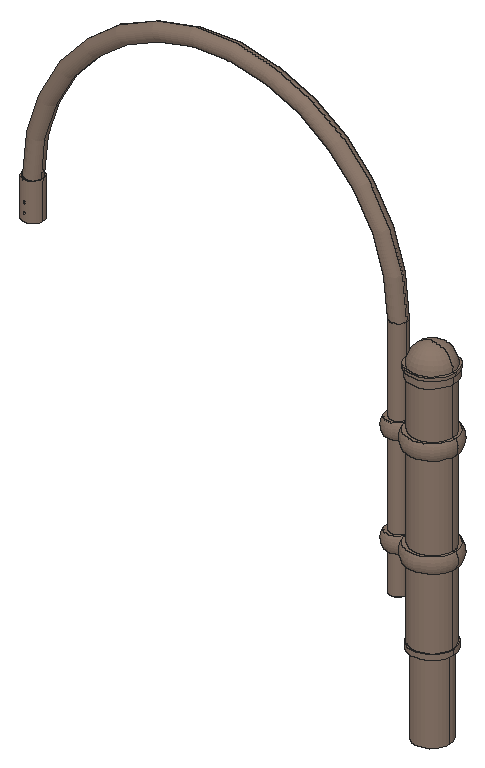
Revit family "PA261", category Generic Models, Revit 2014
Parameters
  TOP CAP = Bronze, Architectural
  TENON = Bronze, Architectural
  OUTLET = Bronze, Architectural
  END CAP = Bronze, Architectural
  CANDY CANE = Bronze, Architectural
  BODY = Bronze, Architectural
  ARM = Bronze, Architectural
Reference planes (in)
  plane 1 "Center (Front/Back)": y = 0
  plane 2: z = 0
  plane 3 "Center (Left/Right)": x = 0
  plane 4: x = -2
  plane 5: x = -1.875
Forms (in)
  Revolve 1, solid, material "Bronze, Architectural" <- "TENON"
    sketch origin (0, 0, 2) x (1, 0, 0) y (0, 0, 1)
      loop
        line (0, -2) -> (0, 6) -> (-1.75, 6) -> (-1.75, -2) -> (0, -2)
      axis (0, 6) -> (0, -2)
    angle from 0 to 360
  Revolve 2, solid, material "Bronze, Architectural" <- "TENON"
    sketch origin (0, 0, 2.5) x (1, 0, 0) y (0, 0, 1)
      loop
        line (0, 6) -> (-2.125, 6) -> (-2.125, 5.5) -> (0, 5.5) -> (0, 6)
      axis (0, 6) -> (0, 5.5)
    angle from 0 to 360
  Revolve 3, solid, material "Bronze, Architectural" <- "BODY"
    sketch origin (0, 0, 2.5) x (1, 0, 0) y (0, 0, 1)
      loop
        line (0, 30) -> (-2, 30) -> (-2, 6) -> (0, 6) -> (0, 30)
      axis (0, 6) -> (0, 30)
    angle from 0 to 360
  Revolve 4, solid, material "Bronze, Architectural" <- "TOP CAP"
    sketch origin (0, 0, 2.5) x (1, 0, 0) y (0, 0, 1)
      loop
        line (-2.0625, 30.4947) -> (-2.3125, 30.4947) -> (-2.3125, 30.2447) -> (-2.1875, 30.2447) -> (-2.1875, 29.4947) -> (0, 29.4947) -> (0, 32.4947)
        arc (0, 32.4947) -> (-1.43648, 31.91259) -> (-2.0625, 30.4947) r 2.06348
      axis (0, 32.4947) -> (0, 29.4947)
    angle from 0 to 360
  Revolve 5, solid, material "Bronze, Architectural" <- "ARM"
    sketch origin (0, 0, 2.5) x (1, 0, 0) y (0, 0, 1)
      loop
        line (2.34524, 14.71033) -> (0, 14.71033) -> (0, 13.21033) -> (2.34524, 13.21033)
        arc (2.34524, 13.21033) -> (2.56804, 13.96033) -> (2.34524, 14.71033) r 1.37375
      axis (0, 14.71033) -> (0, 13.21033)
    angle from 0 to 360
  Revolve 6, solid, material "Bronze, Architectural" <- "ARM"
    sketch origin (0, 0, 2.5) x (1, 0, 0) y (0, 0, 1)
      loop
        arc (-4.5, 14.71033) -> (-4.72256, 13.96033) -> (-4.5, 13.21033) r 1.375
        line (-4.5, 13.21033) -> (-3.33409, 13.21033) -> (-3.33409, 14.71033) -> (-4.5, 14.71033)
      axis (-3.33409, 14.71033) -> (-3.33409, 13.21033)
    angle from 0 to 360
  Revolve 7, solid, material "Bronze, Architectural" <- "ARM"
    sketch origin (0, 0, 12.51121) x (1, 0, 0) y (0, 0, 1)
      loop
        line (2.34524, 14.71033) -> (0, 14.71033) -> (0, 13.21033) -> (2.34524, 13.21033)
        arc (2.34524, 13.21033) -> (2.56804, 13.96033) -> (2.34524, 14.71033) r 1.37375
      axis (0, 14.71033) -> (0, 13.21033)
    angle from 0 to 360
  Revolve 8, solid, material "Bronze, Architectural" <- "ARM"
    sketch origin (0, 0, 12.51121) x (1, 0, 0) y (0, 0, 1)
      loop
        arc (-4.5, 14.71033) -> (-4.72256, 13.96033) -> (-4.5, 13.21033) r 1.375
        line (-4.5, 13.21033) -> (-3.33409, 13.21033) -> (-3.33409, 14.71033) -> (-4.5, 14.71033)
      axis (-3.33409, 14.71033) -> (-3.33409, 13.21033)
    angle from 0 to 360
  Revolve 9, solid, material "Bronze, Architectural" <- "END CAP"
    sketch origin (0, 0, 2.5) x (1, 0, 0) y (0, 0, 1)
      loop
        line (-3.33409, 9.20604) -> (-4.16409, 9.20604)
        arc (-4.16409, 9.20604) -> (-3.77038, 9.00574) -> (-3.33409, 8.93673) r 1.41367
        line (-3.33409, 8.93673) -> (-3.33409, 9.20604)
      axis (-3.33409, 9.20604) -> (-3.33409, 8.93673)
    angle from 0 to 360
  Revolve 10, solid, material "Bronze, Architectural" <- "OUTLET"
    sketch origin (0.16591, 0, 2.5) x (1, 0, 0) y (0, 0, 1)
      loop
        line (-39.5, 33.32229) -> (-40.5, 33.32229) -> (-40.5, 29.63809) -> (-39.5, 29.63809) -> (-39.5, 33.32229)
      axis (-39.5, 33.32229) -> (-39.5, 29.63809)
    angle from 0 to 360
  Sweep 11, solid, material "Bronze, Architectural" <- "CANDY CANE"
    path origin (0, 0, 2.5) x (1, 0, 0) y (0, 0, 1)
      loop
        arc (-3.33409, 33.32229) -> (-21.33409, 51.32229) -> (-39.33409, 33.32229) r 18
    profile origin (-21.33409, 0, 53.82229) x (0, 0, -1) y (0, -1, 0)
      loop
        circle (0, 0) r 0.8125
  Revolve 12, solid, material "Bronze, Architectural" <- "CANDY CANE"
    sketch origin (0, 0, 2.5) x (1, 0, 0) y (0, 0, 1)
      loop
        line (-3.33409, 9.20604) -> (-3.33409, 33.32229) -> (-4.14659, 33.32229) -> (-4.14659, 9.20604) -> (-3.33409, 9.20604)
      axis (-3.33409, 33.32229) -> (-3.33409, 9.20604)
    angle from 0 to 360
  Revolve 13, void
    sketch origin (0, 0, 2.5) x (1, 0, 0) y (0, 0, 1)
      loop
        line (0, 6) -> (-1.375, 6) -> (-1.375, -2.5) -> (0, -2.5) -> (0, 6)
      axis (0, 6) -> (0, -2.5)
    angle from 0 to 360
  Revolve 14, void
    sketch origin (0, 0, 2.5) x (1, 0, 0) y (0, 0, 1)
      loop
        line (-39.33409, 33.32229) -> (-40.20909, 33.32229) -> (-40.20909, 29.63809) -> (-39.33409, 29.63809) -> (-39.33409, 33.32229)
      axis (-39.33409, 29.63809) -> (-39.33409, 33.32229)
    angle from 0 to 360
  Revolve 15, void
    sketch origin (0, 0, 2.5) x (1, 0, 0) y (0, 0, 1)
      loop
        line (0, 30) -> (-1.875, 30) -> (-1.875, 6) -> (0, 6) -> (0, 30)
      axis (0, 6) -> (0, 30)
    angle from 0 to 360
  Extrusion 16, void
    sketch origin (0, 0, 0) x (1, 0, 0) y (0, 0, 1)
      loop
        circle (-39.33409, 33.88809) r 0.125
      loop
        circle (-39.33409, 32.88809) r 0.125
    from -1.00398 to 1.0038
Cuts and joins
  Revolve 13 cuts Revolve 1
  Revolve 13, Revolve 15 cuts Revolve 2
  Revolve 13, Revolve 15 cuts Revolve 3
  Revolve 14, Extrusion 16 cuts Revolve 10
  Revolve 14 cuts Sweep 11
  Revolve 15 cuts Revolve 4
  Revolve 15 cuts Revolve 5
  Revolve 15 cuts Revolve 7
Lines and regions (in)
  model lines
    curve 1: line (-2.50409, 0, 17.21033) -> (-4.16409, 0, 17.21033)
    curve 2: line (-38.67, 0, 35.82229) -> (-40.33, 0, 35.82229)
Dimensions and locks (in)
  aligned and locked: plane 2 to level
